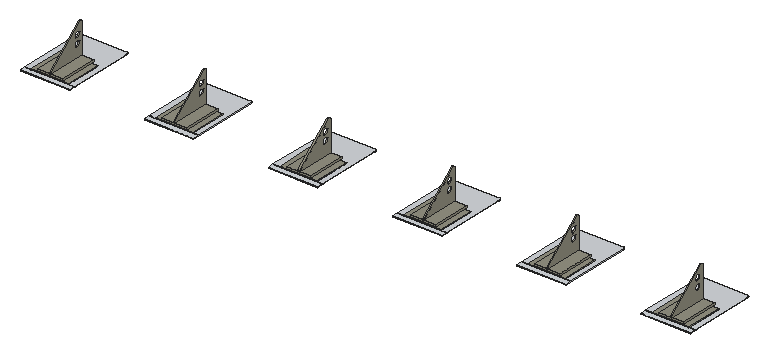
Revit family "Construction_Roof-Accessories_Alpine-SnowGuards_PP120", category Specialty Equipment, host Face, Revit 2019
Family settings
  Host = Face
  Round Connector Dimension = Use Diameter
  Part Type = Normal
  OmniClass Number = 23.35.20.31.27.14
  OmniClass Title = Snow Guards
  Cut with Voids When Loaded = No
  Shared = No
  Room Calculation Point = No
Parameters (values of type "Hi Hole")
  Z_Two Pipe = no
  Z_Two [instance] = Z_Length > Z_Horizontal Spacing  # yes
  Z_Three Pipe = no
  Z_Radius = 1/2"
  Z_One [instance] = not(Z_Array)  # no
  Z_Length [instance] = if(Length < Z_Horizontal Spacing, Z_Horizontal Spacing, Length)  # 100"
  Z_Horizontal Spacing [instance] = if(Horizontal Spacing < 2", 2", Horizontal Spacing)  # 20"
  Z_Hi Hole = yes
  Z_Array [instance] = and(Z_Length > Z_Horizontal Spacing * 2)  # yes
  URL = "https://www.alpinesnowguards.com/model/pp120?utm_source=bimobject&utm_medium=productlisting&utm_campaign=2022marketing"
  Snow Guard Count [instance] = if(Length < Horizontal Spacing, 1, if(and(Z_Length > Z_Horizontal Spacing, Z_Length < Z_Horizontal Spacing * 2), 2, Z_Number of Pads Control))  # 6
  Product data url = "https://www.bimobject.com/en/preview/347cf7be-d19d-40cb-ace4-f551b12e72f7/ce37a16d-4752-44a6-9629-9aef3b74431d"
  Product Material = Alpine SnowGuards - Aluminium - Mill Finish
  Product Guid = "351a3c63-7f58-4f02-8e46-1d7e2af7113f"
  Z_Number of Pads Control [instance] = if(Z_Length / Z_Horizontal Spacing + 1 < 3, 3, rounddown(Z_Length / Z_Horizontal Spacing + 1))  # 6
  Pad Material = Alpine SnowGuards - Aluminium - Mill Finish
  Note [instance] = "Customer Supplied Target Patch Flashing"  # constant formula
  Model = "PP120 - Hi Hole"
  Manufacturer = "Alpine SnowGuards"  # constant formula
  Length [instance] = 100"
  Keynote = "07720"
  Length Note [instance] = "To show a single SnowGuard set Length to 0"  # constant formula
  Horizontal Spacing = 20"
  Edition number = 1  # constant formula
  Description = "PP120 two or three pipe, pipe-style snow guard bracket in aluminum. 6'' X 6'' stainless steel base plate, with an embossed 8''X12'' aluminum counter flashing."  # constant formula
  Default Elevation = 48"
  Base Material = Alpine SnowGuards - Aluminium - Mill Finish
  Assembly Code = "B3010"
Types (4): name | Z_Two Pipe | Z_Three Pipe | Z_Hi Hole | Model
  (no name) | no | no | yes | "PP120 - Hi Hole"
  Two Pipe | yes | no | no | "PP120 - Two Pipe"
  Three Pipe | no | yes | no | "PP120 - Three Pipe"
  Hi Hole | no | no | yes | "PP120 - Hi Hole"
Reference planes (in)
  plane 1 "Center (Front/Back)": y = 0
  plane 2: z = 0
  plane 3 "Center (Left/Right)": x = 0
  plane 4: x = -6
  plane 5: x = 100
  plane 6: z = 0.15625
  plane 7: x = 20
Dimensions and locks (in)
  plane 4 to plane 3 "Center (Left/Right)" = 6"
  plane 6 to plane 2 = 5/32"
  locked: nested 1 to host face at 0.06303
  locked: nested 1 to plane 1 "Center (Front/Back)" at 0.32436
  locked: nested 3 to plane 1 "Center (Front/Back)" at 2.35561
  equal spacing: group 1, group 2, group 3, group 10, group 11, group 12  (x3)
  "Z_Length": plane 3 "Center (Left/Right)" to plane 5
  "Z_Horizontal Spacing": plane 3 "Center (Left/Right)" to plane 7
  equal spacing: group 4, group 5, group 6, group 13, group 14, group 15  (x3)
  locked: nested 6 to plane 1 "Center (Front/Back)" at 2.35561
  equal spacing: group 7, group 8, group 9, group 16, group 17, group 18  (x3)
  locked: nested 8 to plane 1 "Center (Front/Back)" at 0.32436
  locked: nested 14 to plane 1 "Center (Front/Back)" at 2.35561
  locked: nested 15 to plane 1 "Center (Front/Back)" at 2.35561
  aligned and locked: host face to plane 2
  aligned and locked: level to host face
  aligned and locked: plane 3 "Center (Left/Right)" to nested 1
  aligned and locked: nested 2 to plane 3 "Center (Left/Right)"
  aligned and locked: nested 2 to plane 1 "Center (Front/Back)"
  aligned and locked: nested 2 to plane 6
  aligned and locked: plane 3 "Center (Left/Right)" to nested 3
  aligned and locked: nested 4 to plane 1 "Center (Front/Back)"
  aligned and locked: plane 7 to nested 4
  aligned and locked: nested 6 to plane 7
  aligned and locked: nested 8 to plane 7
  aligned and locked: plane 3 "Center (Left/Right)" to nested 14
  aligned and locked: nested 15 to plane 7
  aligned and locked: plane 3 "Center (Left/Right)" to nested 10
  aligned and locked: nested 11 to plane 7
  aligned and locked: nested 12 to plane 1 "Center (Front/Back)"
  aligned and locked: nested 12 to plane 3 "Center (Left/Right)"
  aligned and locked: plane 7 to nested 13
  aligned and locked: nested 13 to plane 1 "Center (Front/Back)"
  aligned and locked: nested 12 to plane 6
  aligned and locked: nested 13 to plane 6
Automatic sketch dimensions
  host sketch curve to host sketch curve = 135.21334"
  host sketch curve to host sketch curve = 96"
Nested families (in)
  nested 1: "Target-Patch-Flashing-PP99" at (0, -5.35561, 0.00053), visible <- "Z_Array", type "Target-Patch-Flashing-PP99"
  nested 2: "Construction_Roof-Accessories_Alpine-SnowGuards_Pad-PP120" at (0, -5.35561, 0.03125) x (-1, 0, 0) z (0, 0, 1), Three Pipe <- "Z_Three Pipe", Two Pipe <- "Z_Two Pipe", Hi Hole <- "Z_Hi Hole", Pad Material <- "Pad Material", visible <- "Z_Array", type "Construction_Roof-Accessories_Alpine-SnowGuards_Pad-PP120"
    with Two Pipe no, Three Pipe no, Pad Material Alpine SnowGuards - Aluminium - Mill Finish, Hi Hole yes
  nested 3: "Construction_Roof-Accessories_Alpine-SnowGuards_Base-PP120" at (0, -5.35561, 0), Material <- "Base Material", visible <- "Z_Array", type "6"x12""
    with Material Alpine SnowGuards - Aluminium - Mill Finish
  nested 4: "Construction_Roof-Accessories_Alpine-SnowGuards_Pad-PP120" at (20, -5.35561, 0.03125) x (-1, 0, 0) z (0, 0, 1), Three Pipe <- "Z_Three Pipe", Two Pipe <- "Z_Two Pipe", Hi Hole <- "Z_Hi Hole", Pad Material <- "Pad Material", visible <- "Z_Array", type "Construction_Roof-Accessories_Alpine-SnowGuards_Pad-PP120"
    with Two Pipe no, Three Pipe no, Pad Material Alpine SnowGuards - Aluminium - Mill Finish, Hi Hole yes
  nested 5: "Construction_Roof-Accessories_Alpine-SnowGuards_Pad-PP120" at (40, -5.35561, 0.03125) x (-1, 0, 0) z (0, 0, 1), Three Pipe <- "Z_Three Pipe", Two Pipe <- "Z_Two Pipe", Hi Hole <- "Z_Hi Hole", Pad Material <- "Pad Material", visible <- "Z_Array", type "Construction_Roof-Accessories_Alpine-SnowGuards_Pad-PP120"
    with Two Pipe no, Three Pipe no, Pad Material Alpine SnowGuards - Aluminium - Mill Finish, Hi Hole yes
  nested 6: "Construction_Roof-Accessories_Alpine-SnowGuards_Base-PP120" at (20, -5.35561, 0), Material <- "Base Material", visible <- "Z_Array", type "6"x12""
    with Material Alpine SnowGuards - Aluminium - Mill Finish
  nested 7: "Construction_Roof-Accessories_Alpine-SnowGuards_Base-PP120" at (40, -5.35561, 0), Material <- "Base Material", visible <- "Z_Array", type "6"x12""
    with Material Alpine SnowGuards - Aluminium - Mill Finish
  nested 8: "Target-Patch-Flashing-PP99" at (20, -5.35561, 0.00053), visible <- "Z_Array", type "Target-Patch-Flashing-PP99"
  nested 9: "Target-Patch-Flashing-PP99" at (40, -5.35561, 0.00053), visible <- "Z_Array", type "Target-Patch-Flashing-PP99"
  nested 10: "Target-Patch-Flashing-PP99" at (0, -5.35561, 0), visible <- "Z_One", type "Target-Patch-Flashing-PP99"
  nested 11: "Target-Patch-Flashing-PP99" at (20, -5.35561, 0), visible <- "Z_Two", type "Target-Patch-Flashing-PP99"
  nested 12: "Construction_Roof-Accessories_Alpine-SnowGuards_Pad-PP120" at (0, -5.35561, 0.03125) x (-1, 0, 0) z (0, 0, 1), Three Pipe <- "Z_Three Pipe", Two Pipe <- "Z_Two Pipe", Hi Hole <- "Z_Hi Hole", Pad Material <- "Pad Material", visible <- "Z_One", type "Construction_Roof-Accessories_Alpine-SnowGuards_Pad-PP120"
    with Two Pipe no, Three Pipe no, Pad Material Alpine SnowGuards - Aluminium - Mill Finish, Hi Hole yes
  nested 13: "Construction_Roof-Accessories_Alpine-SnowGuards_Pad-PP120" at (20, -5.35561, 0.03125) x (-1, 0, 0) z (0, 0, 1), Three Pipe <- "Z_Three Pipe", Two Pipe <- "Z_Two Pipe", Hi Hole <- "Z_Hi Hole", Pad Material <- "Pad Material", visible <- "Z_Two", type "Construction_Roof-Accessories_Alpine-SnowGuards_Pad-PP120"
    with Two Pipe no, Three Pipe no, Pad Material Alpine SnowGuards - Aluminium - Mill Finish, Hi Hole yes
  nested 14: "Construction_Roof-Accessories_Alpine-SnowGuards_Base-PP120" at (0, -5.35561, 0), Material <- "Base Material", visible <- "Z_One", type "6"x12""
    with Material Alpine SnowGuards - Aluminium - Mill Finish
  nested 15: "Construction_Roof-Accessories_Alpine-SnowGuards_Base-PP120" at (20, -5.35561, 0), Material <- "Base Material", visible <- "Z_Two", type "6"x12""
    with Material Alpine SnowGuards - Aluminium - Mill Finish
  nested 16: "Construction_Roof-Accessories_Alpine-SnowGuards_Pad-PP120" at (60, -5.35561, 0.03125) x (-1, 0, 0) z (0, 0, 1), Three Pipe <- "Z_Three Pipe", Two Pipe <- "Z_Two Pipe", Hi Hole <- "Z_Hi Hole", Pad Material <- "Pad Material", visible <- "Z_Array", type "Construction_Roof-Accessories_Alpine-SnowGuards_Pad-PP120"
    with Two Pipe no, Three Pipe no, Pad Material Alpine SnowGuards - Aluminium - Mill Finish, Hi Hole yes
  nested 17: "Construction_Roof-Accessories_Alpine-SnowGuards_Pad-PP120" at (80, -5.35561, 0.03125) x (-1, 0, 0) z (0, 0, 1), Three Pipe <- "Z_Three Pipe", Two Pipe <- "Z_Two Pipe", Hi Hole <- "Z_Hi Hole", Pad Material <- "Pad Material", visible <- "Z_Array", type "Construction_Roof-Accessories_Alpine-SnowGuards_Pad-PP120"
    with Two Pipe no, Three Pipe no, Pad Material Alpine SnowGuards - Aluminium - Mill Finish, Hi Hole yes
  nested 18: "Construction_Roof-Accessories_Alpine-SnowGuards_Pad-PP120" at (100, -5.35561, 0.03125) x (-1, 0, 0) z (0, 0, 1), Three Pipe <- "Z_Three Pipe", Two Pipe <- "Z_Two Pipe", Hi Hole <- "Z_Hi Hole", Pad Material <- "Pad Material", visible <- "Z_Array", type "Construction_Roof-Accessories_Alpine-SnowGuards_Pad-PP120"
    with Two Pipe no, Three Pipe no, Pad Material Alpine SnowGuards - Aluminium - Mill Finish, Hi Hole yes
  nested 19: "Construction_Roof-Accessories_Alpine-SnowGuards_Base-PP120" at (60, -5.35561, 0), Material <- "Base Material", visible <- "Z_Array", type "6"x12""
    with Material Alpine SnowGuards - Aluminium - Mill Finish
  nested 20: "Construction_Roof-Accessories_Alpine-SnowGuards_Base-PP120" at (80, -5.35561, 0), Material <- "Base Material", visible <- "Z_Array", type "6"x12""
    with Material Alpine SnowGuards - Aluminium - Mill Finish
  nested 21: "Construction_Roof-Accessories_Alpine-SnowGuards_Base-PP120" at (100, -5.35561, 0), Material <- "Base Material", visible <- "Z_Array", type "6"x12""
    with Material Alpine SnowGuards - Aluminium - Mill Finish
  nested 22: "Target-Patch-Flashing-PP99" at (60, -5.35561, 0.00053), visible <- "Z_Array", type "Target-Patch-Flashing-PP99"
  nested 23: "Target-Patch-Flashing-PP99" at (80, -5.35561, 0.00053), visible <- "Z_Array", type "Target-Patch-Flashing-PP99"
  nested 24: "Target-Patch-Flashing-PP99" at (100, -5.35561, 0.00053), visible <- "Z_Array", type "Target-Patch-Flashing-PP99"
Definition of nested family "Target-Patch-Flashing-PP99"
  Reference planes (in)
    plane 1 "Center (Front/Back)": y = 0
    plane 2: z = 0
    plane 3 "Center (Left/Right)": x = 0
    plane 4: y = 11
    plane 5: x = -4
    plane 6: x = 4
    plane 7: y = -0.9375
    plane 8: z = 0.0625
    plane 9: y = 5.03125
  Forms (in)
    Extrusion 1, solid
      sketch origin (0, 0, 0) x (1, 0, 0) y (0, 1, 0)
        loop
          line (-4, 0) -> (4, 0) -> (4, 10.5)
          arc (4, 10.5) -> (3.85355, 10.85355) -> (3.5, 11) r 0.5
          line (3.5, 11) -> (-3.5, 11)
          arc (-3.5, 11) -> (-3.85355, 10.85355) -> (-4, 10.5) r 0.5
          line (-4, 10.5) -> (-4, 0)
      from 0.0625 to 0.125
    Sweep 2, solid
      path origin (0, 0, 0) x (0, 1, 0) y (0, 0, 1)
        loop
          line (0.00756, 0.063) -> (-0.9375, 0)
      profile origin (0, -0.46497, 0.0315) x (0, 0.066519, -0.997785) y (1, 0, 0)
        loop
          line (-0.06224, -4) -> (0.00054, -4) -> (0.00054, 4) -> (-0.06224, 4) -> (-0.06224, -4)
  Dimensions and locks (in)
    equal spacing: plane 5, plane 3 "Center (Left/Right)", plane 6
    plane 5 to plane 3 "Center (Left/Right)" = 4"
    locked: plane 1 "Center (Front/Back)" to plane 7 at 0.9375
    plane 4 to plane 7 = 11 15/16"
    plane 8 to level = 1/16"
    equal spacing: plane 4, plane 9, plane 7
    aligned and locked: plane 2 to level
    aligned and locked: plane 5 to Extrusion 1 sketch curve
    aligned and locked: plane 6 to Extrusion 1 sketch curve
    aligned and locked: Extrusion 1 sketch curve to plane 4
    aligned and locked: plane 1 "Center (Front/Back)" to Extrusion 1 sketch curve
    aligned and locked: plane 8 to Extrusion 1
    aligned and locked: Sweep 2 sketch curve to plane 6
    aligned and locked: Sweep 2 sketch curve to plane 5
  Automatic sketch dimensions
    Extrusion 1 sketch curve to plane 4 = 1/2"
    Extrusion 1 sketch curve to Extrusion 1 sketch curve = 1/2"
    profile plane to Sweep 2 sketch curve = 0.06224"
    Sweep 2 sketch curve to profile plane = 0.00054"
    Sweep 2 sketch curve to level = 0"
    Sweep 2 sketch curve to plane 7 = 0"
    Sweep 2 sketch curve to plane 8 = 0.0005"
    Sweep 2 sketch curve to plane 1 "Center (Front/Back)" = 0.00756"
Definition of nested family "Construction_Roof-Accessories_Alpine-SnowGuards_Pad-PP120"
  Parameters (values of type "Construction_Roof-Accessories_Alpine-SnowGuards_Pad-PP120")
    Hi Hole [instance] = yes
    Two Pipe [instance] = no
    Three Pipe [instance] = no
    Pad Material [instance] = none
  Reference planes (in)
    plane 1 "Center (Front/Back)": y = 0
    plane 2: z = 0
    plane 3 "Center (Left/Right)": x = 0
    plane 4: y = -12
    plane 5: x = -3
    plane 6: x = 3
    plane 7: y = -6
    plane 8: y = -5.35561
  Forms (in)
    Extrusion 1, solid, material <- "Pad Material"
      sketch origin (0, 0, 0) x (1, 0, 0) y (0, 0, 1)
        loop
          line (-2, 0.4375) -> (-2, 0.125) -> (2, 0.125) -> (2, 0.4375) -> (-2, 0.4375)
      from 0.13728 to 6.38728
    Sweep 2, solid, material <- "Pad Material", visible <- "Two Pipe", detail levels fine
      path origin (0, 0, 0) x (1, 0, 0) y (0, 0, 1)
        loop
          line (-0.09375, 0.4375) -> (0.09375, 0.4375)
      profile origin (0, 0, 0.4375) x (0, 0, 1) y (0, -1, 0)
        loop
          arc (5.00461, 5.9773) -> (5.03888, 6.24336) -> (4.8125, 6.38728) r 0.25
          line (4.8125, 6.38728) -> (0, 6.38728) -> (0, 0.13728) -> (0.11115, 0.13728) -> (5.00461, 5.9773)
        loop
          circle (3.15625, 5.34534) r 0.53125
        loop
          circle (1.40625, 5.35561) r 0.53125
    Sweep 3, solid, material <- "Pad Material", visible <- "Three Pipe", detail levels fine
      path origin (0, 0, 0) x (1, 0, 0) y (0, 0, 1)
        loop
          line (-0.09375, 0.4375) -> (0.09375, 0.4375)
      profile origin (0, 0, 0.4375) x (0, 0, 1) y (0, -1, 0)
        loop
          arc (5.00461, 5.9773) -> (5.03888, 6.24336) -> (4.8125, 6.38728) r 0.25
          line (4.8125, 6.38728) -> (0, 6.38728) -> (0, 0.13728) -> (0.11115, 0.13728) -> (5.00461, 5.9773)
        loop
          circle (3.46875, 5.35561) r 0.53125
        loop
          circle (2.15625, 5.35561) r 0.53125
        loop
          circle (0.84375, 5.35561) r 0.53125
    Sweep 4, solid, material <- "Pad Material", visible <- "Hi Hole", detail levels fine
      path origin (0, 0, 0) x (1, 0, 0) y (0, 0, 1)
        loop
          line (-0.09375, 0.4375) -> (0.09375, 0.4375)
      profile origin (0, 0, 0.4375) x (0, 0, 1) y (0, -1, 0)
        loop
          arc (5.00461, 5.9773) -> (5.03888, 6.24336) -> (4.8125, 6.38728) r 0.25
          line (4.8125, 6.38728) -> (0, 6.38728) -> (0, 0.13728) -> (0.11115, 0.13728) -> (5.00461, 5.9773)
        loop
          circle (3.40625, 5.35561) r 0.53125
        loop
          circle (2.09375, 5.35561) r 0.53125
    Sweep 5, solid, material <- "Pad Material", visible <- "Hi Hole", detail levels coarse+medium
      path origin (0, 0, 0) x (1, 0, 0) y (0, 0, 1)
        loop
          line (-0.09375, 0.4375) -> (0.09375, 0.4375)
      profile origin (0, 0, 0.4375) x (0, 0, 1) y (0, -1, 0)
        loop
          arc (5.00461, 5.9773) -> (5.03888, 6.24336) -> (4.8125, 6.38728) r 0.25
          line (4.8125, 6.38728) -> (0, 6.38728) -> (0, 0.13728) -> (0.11115, 0.13728) -> (5.00461, 5.9773)
    Sweep 6, solid, material <- "Pad Material", visible <- "Three Pipe", detail levels coarse+medium
      path origin (0, 0, 0) x (1, 0, 0) y (0, 0, 1)
        loop
          line (-0.09375, 0.4375) -> (0.09375, 0.4375)
      profile origin (0, 0, 0.4375) x (0, 0, 1) y (0, -1, 0)
        loop
          arc (5.00461, 5.9773) -> (5.03888, 6.24336) -> (4.8125, 6.38728) r 0.25
          line (4.8125, 6.38728) -> (0, 6.38728) -> (0, 0.13728) -> (0.11115, 0.13728) -> (5.00461, 5.9773)
    Sweep 7, solid, material <- "Pad Material", visible <- "Two Pipe", detail levels coarse+medium
      path origin (0, 0, 0) x (1, 0, 0) y (0, 0, 1)
        loop
          line (-0.09375, 0.4375) -> (0.09375, 0.4375)
      profile origin (0, 0, 0.4375) x (0, 0, 1) y (0, -1, 0)
        loop
          arc (5.00461, 5.9773) -> (5.03888, 6.24336) -> (4.8125, 6.38728) r 0.25
          line (4.8125, 6.38728) -> (0, 6.38728) -> (0, 0.13728) -> (0.11115, 0.13728) -> (5.00461, 5.9773)
  Dimensions and locks (in)
    locked: plane 4 to plane 1 "Center (Front/Back)" at 12
    equal spacing: plane 5, plane 3 "Center (Left/Right)", plane 6
    plane 5 to plane 6 = 6"
    locked: plane 7 to plane 4 at 6
    locked: Extrusion 1 sketch curve to plane 2 at 0.125
    locked: Extrusion 1 sketch curve to Extrusion 1 sketch curve at 0.3125
    locked: Extrusion 1 sketch curve to plane 5 at 1
    locked: plane 6 to Extrusion 1 sketch curve at 1
    locked: plane 8 to plane 7 at 0.64439
    aligned and locked: level to plane 2
  Automatic sketch dimensions
    Sweep 2 sketch curve to plane 3 "Center (Left/Right)" = 3/32"
    plane 3 "Center (Left/Right)" to Sweep 2 sketch curve = 3/32"
    level to Sweep 2 sketch curve = 7/16"
    profile plane to Sweep 2 sketch curve = 0"
    Sweep 2 sketch curve to Sweep 2 sketch curve = 0.11115"
    Sweep 2 sketch curve to profile plane = 1 13/32"
    Sweep 2 sketch curve to Sweep 2 sketch curve = 1 3/4"
    Sweep 2 sketch curve to Sweep 2 sketch curve = 1 21/32"
    Sweep 2 sketch curve to Sweep 2 sketch curve = 0.19211"
    plane 1 "Center (Front/Back)" to Sweep 2 sketch curve = 0.13728"
    plane 1 "Center (Front/Back)" to Sweep 2 sketch curve = 5.34534"
    Sweep 2 sketch curve to Sweep 2 sketch curve = 0.01027"
    Sweep 2 sketch curve to Sweep 2 sketch curve = 0.63196"
    Sweep 2 sketch curve to Sweep 2 sketch curve = 0.15998"
    Sweep 3 sketch curve to plane 3 "Center (Left/Right)" = 3/32"
    plane 3 "Center (Left/Right)" to Sweep 3 sketch curve = 3/32"
    level to Sweep 3 sketch curve = 7/16"
    profile plane to Sweep 3 sketch curve = 0"
    Sweep 3 sketch curve to profile plane = 0.11115"
    Sweep 3 sketch curve to profile plane = 27/32"
    Sweep 3 sketch curve to Sweep 3 sketch curve = 1 5/16"  (x2)
    Sweep 3 sketch curve to Sweep 3 sketch curve = 1 11/32"
    Sweep 3 sketch curve to Sweep 3 sketch curve = 0.19211"
    plane 1 "Center (Front/Back)" to Sweep 3 sketch curve = 0.13728"
    plane 1 "Center (Front/Back)" to Sweep 3 sketch curve = 5.35561"
    Sweep 3 sketch curve to Sweep 3 sketch curve = 0"  (x2)
    Sweep 3 sketch curve to Sweep 3 sketch curve = 0.62169"
    Sweep 3 sketch curve to Sweep 3 sketch curve = 0.15998"
    Sweep 4 sketch curve to plane 3 "Center (Left/Right)" = 3/32"
    plane 3 "Center (Left/Right)" to Sweep 4 sketch curve = 3/32"
    level to Sweep 4 sketch curve = 7/16"
    profile plane to Sweep 4 sketch curve = 0"
    Sweep 4 sketch curve to profile plane = 0.11115"
    Sweep 4 sketch curve to profile plane = 2 3/32"
    Sweep 4 sketch curve to Sweep 4 sketch curve = 1 5/16"
    Sweep 4 sketch curve to Sweep 4 sketch curve = 1 13/32"
    Sweep 4 sketch curve to Sweep 4 sketch curve = 0.19211"
    plane 1 "Center (Front/Back)" to Sweep 4 sketch curve = 0.13728"
    plane 1 "Center (Front/Back)" to Sweep 4 sketch curve = 5.35561"
    Sweep 4 sketch curve to Sweep 4 sketch curve = 0"
    Sweep 4 sketch curve to Sweep 4 sketch curve = 0.62169"
    Sweep 4 sketch curve to Sweep 4 sketch curve = 0.15998"
    Sweep 5 sketch curve to plane 3 "Center (Left/Right)" = 3/32"
    plane 3 "Center (Left/Right)" to Sweep 5 sketch curve = 3/32"
    level to Sweep 5 sketch curve = 7/16"
    profile plane to Sweep 5 sketch curve = 0"
    Sweep 5 sketch curve to profile plane = 0.11115"
    Sweep 5 sketch curve to profile plane = 4 13/16"
    Sweep 5 sketch curve to Sweep 5 sketch curve = 0.19211"
    plane 1 "Center (Front/Back)" to Sweep 5 sketch curve = 0.13728"
    plane 1 "Center (Front/Back)" to Sweep 5 sketch curve = 5.9773"
    Sweep 5 sketch curve to Sweep 5 sketch curve = 0.15998"
    Sweep 6 sketch curve to plane 3 "Center (Left/Right)" = 3/32"
    plane 3 "Center (Left/Right)" to Sweep 6 sketch curve = 3/32"
    level to Sweep 6 sketch curve = 7/16"
    profile plane to Sweep 6 sketch curve = 0"
    Sweep 6 sketch curve to profile plane = 0.11115"
    Sweep 6 sketch curve to profile plane = 4 13/16"
    Sweep 6 sketch curve to Sweep 6 sketch curve = 0.19211"
    plane 1 "Center (Front/Back)" to Sweep 6 sketch curve = 0.13728"
    plane 1 "Center (Front/Back)" to Sweep 6 sketch curve = 5.9773"
    Sweep 6 sketch curve to Sweep 6 sketch curve = 0.15998"
    Sweep 7 sketch curve to plane 3 "Center (Left/Right)" = 3/32"
    plane 3 "Center (Left/Right)" to Sweep 7 sketch curve = 3/32"
    level to Sweep 7 sketch curve = 7/16"
    profile plane to Sweep 7 sketch curve = 0"
    Sweep 7 sketch curve to Sweep 7 sketch curve = 0.11115"
    Sweep 7 sketch curve to Sweep 7 sketch curve = 0.19211"
    plane 1 "Center (Front/Back)" to Sweep 7 sketch curve = 0.13728"
    Sweep 7 sketch curve to Sweep 7 sketch curve = 0.15998"
    Sweep 7 sketch curve to profile plane = 4 13/16"
    plane 1 "Center (Front/Back)" to Sweep 7 sketch curve = 5.9773"
    radius of Sweep 2 sketch curve = 17/32"  (x2)
    radius of Sweep 3 sketch curve = 17/32"  (x3)
    radius of Sweep 4 sketch curve = 17/32"  (x2)
Definition of nested family "Construction_Roof-Accessories_Alpine-SnowGuards_Base-PP120"
  Parameters (values of type "6"x12"")
    W = 6"
    Material [instance] = none
  Reference planes (in)
    plane 1 "Center (Front/Back)": y = 0
    plane 2: z = 0
    plane 3 "Center (Left/Right)": x = 0
    plane 4: y = 6
    plane 5: x = -3
    plane 6: x = 3
    plane 7: y = 3
    plane 8: z = 0.15625
  Forms (in)
    Extrusion 1, solid, material <- "Material"
      sketch origin (0, 0, 0) x (1, 0, 0) y (0, 0, 1)
        loop
          line (-3, 0.0625) -> (-3, 0) -> (3, 0) -> (3, 0.0625) -> (-3, 0.0625)
        loop
          line (-3, 0.125) -> (3, 0.125) -> (3, 0.15625) -> (-3, 0.15625) -> (-3, 0.125)
      from 0 to -6
  Lines and regions (in)
    model lines, detail levels fine
      curve 1: circle (-2.51371, 5.5, 0.15625) r 0.3125 normal (0, 0, 1)
      curve 2: circle (-1.01371, 5.5, 0.15625) r 0.3125 normal (0, 0, 1)
      curve 3: circle (2.51371, 5.5, 0.15625) r 0.3125 normal (0, 0, -1)
      curve 4: circle (1.01371, 5.5, 0.15625) r 0.3125 normal (0, 0, -1)
      curve 5: circle (-2.51371, 3, 0.15625) r 0.3125 normal (0, 0, 1)
      curve 6: circle (2.51371, 3, 0.15625) r 0.3125 normal (0, 0, -1)
  Dimensions and locks (in)
    equal spacing: plane 5, plane 3 "Center (Left/Right)", plane 6
    "W": plane 5 to plane 6
    locked: plane 1 "Center (Front/Back)" to plane 4 at 6
    equal spacing: plane 4, plane 7, plane 1 "Center (Front/Back)"
    locked: Extrusion 1 sketch curve to level at 0.0625
    locked: Extrusion 1 sketch curve to Extrusion 1 sketch curve at 0.0625
    locked: Extrusion 1 sketch curve to Extrusion 1 sketch curve at 0.03125
    locked: plane 5 to curve 1 at 0.48629
    locked: plane 4 to curve 1 at 0.5
    locked: curve 1 to curve 2 at 1.5
    locked: curve 3 to curve 4 at 1.5
    locked: curve 3 to plane 6 at 0.48629
    aligned and locked: level to plane 2
    aligned and locked: plane 5 to Extrusion 1 sketch curve
    aligned and locked: plane 2 to Extrusion 1 sketch curve
    aligned and locked: Extrusion 1 sketch curve to plane 6
    aligned and locked: Extrusion 1 to plane 1 "Center (Front/Back)"
    aligned and locked: Extrusion 1 to plane 4
    aligned and locked: Extrusion 1 sketch curve to plane 5
    aligned and locked: plane 6 to Extrusion 1 sketch curve
    aligned and locked: plane 7 to curve 5
    aligned and locked: plane 7 to curve 6
  Automatic sketch dimensions
    curve 4 to plane 4 = 1/2"
    curve 3 to plane 4 = 1/2"
    curve 2 to plane 4 = 1/2"
    curve 6 to plane 6 = 0.48629"
    plane 5 to curve 5 = 0.48629"
    radius of curve 1 = 5/16"
    radius of curve 2 = 5/16"
    radius of curve 3 = 5/16"
    radius of curve 4 = 5/16"
    radius of curve 5 = 5/16"
    radius of curve 6 = 5/16"
